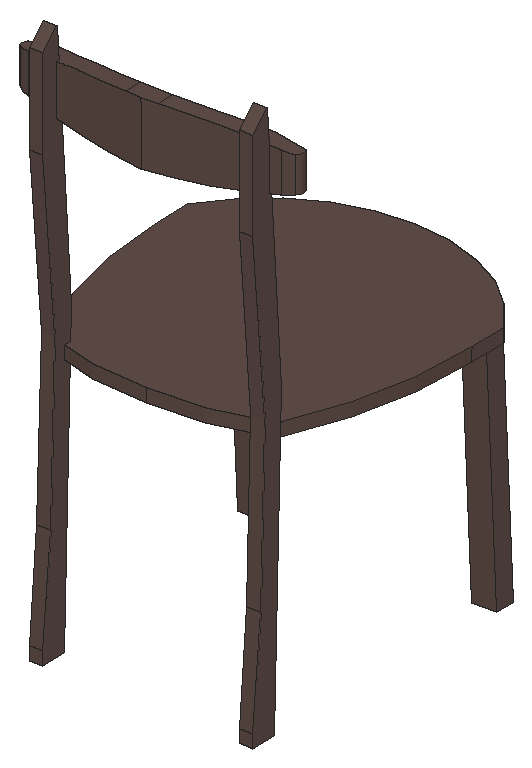
Revit family
Parameters
  URL = "http://www.ciadeprodutos.com.br/cafe.htm"
  Type Comments = "Delta"
  Material = Madeira cadeira delta
  Manufacturer = "Cia de Produtos"
  Cost = 213
Reference planes
  plane 1 "Center (Front/Back)": y = 0
  plane 2: z = 0
  plane 3 "Center (Left/Right)": x = 0
  plane 4 "Altura do assento": z = 400
  plane 5 "altura total": z = 800
  plane 6 "Encosto": y = -310.623
  plane 7 "Final": y = 279.377
  plane 8 "esquerda": x = -276.994
  plane 9 "direita": x = 233.006
Forms (mm)
  Extrusion 1, solid, material "Madeira cadeira delta" <- "Material"
    sketch origin (0, -14.123, 400) x (0, -1, 0) y (1, 0, 0)
      loop
        line (-135.681, -239.841) -> (-75.681, -239.841)
        arc (-75.681, -239.841) -> (69.276, -223.676) -> (207.11, -175.974) r 658.001
        arc (207.11, -175.974) -> (211.508, -172.745) -> (214.405, -168.121) r 14.522
        arc (214.405, -168.121) -> (236.925, -85.498) -> (241.811, 0) r 410.45
        arc (241.811, 0) -> (236.925, 85.498) -> (214.405, 168.121) r 410.45
        arc (214.405, 168.121) -> (211.508, 172.745) -> (207.11, 175.974) r 14.522
        arc (207.11, 175.974) -> (69.276, 223.676) -> (-75.681, 239.841) r 658.001
        line (-75.681, 239.841) -> (-135.681, 239.841)
        arc (-135.681, 239.841) -> (-267.045, 0) -> (-135.681, -239.841) r 284.63
    from 0 to 20
  Extrusion 2, solid, material "Madeira cadeira delta" <- "Material"
    sketch origin (156.994, 35, 0) x (0, -1, 0) y (0, 0, -1)
      loop
        line (310.623, -834.354) -> (310.623, -696.163)
        arc (310.623, -696.163) -> (288.875, -438.176) -> (296.678, -179.391) r 2267.442
        line (296.678, -179.391) -> (310.623, -20) -> (310.623, 0) -> (270.678, 0)
        arc (270.678, 0) -> (252.393, -234.249) -> (257.226, -469.161) r 2386.911
        line (257.226, -469.161) -> (284.584, -860.393) -> (310.623, -834.354)
    from 0 to 20
  Extrusion 3, solid, material "Madeira cadeira delta" <- "Material"
    sketch origin (136.946, -56.892, 0) x (0, 1, 0) y (0, 0, 1)
      loop
        line (229.488, 400) -> (199.377, 400)
        arc (199.377, 400) -> (213.013, 200.182) -> (219.377, 0) r 5508.919
        line (219.377, 0) -> (249.38, 0)
        arc (249.38, 0) -> (243.051, 200.18) -> (229.488, 400) r 5538.919
    from 21.927 to 60
  Extrusion 4, solid, material "Madeira cadeira delta" <- "Material"
    sketch origin (-136.946, -56.892, 0) x (0, 1, 0) y (0, 0, -1)
      loop
        arc (229.488, -400) -> (243.051, -200.18) -> (249.38, 0) r 5538.919
        line (249.38, 0) -> (219.377, 0)
        arc (219.377, 0) -> (213.013, -200.182) -> (199.377, -400) r 5508.919
        line (199.377, -400) -> (229.488, -400)
    from 21.927 to 60
  Extrusion 5, solid, material "Madeira cadeira delta" <- "Material"
    sketch origin (0, 0, -30) x (1, 0, 0) y (0, 0, 1)
      loop
        line (25, 849.165) -> (-25, 849.165)
        arc (-25, 849.165) -> (-130.929, 843.448) -> (-235.626, 826.362) r 984.143
        arc (-235.626, 826.362) -> (-253.303, 804.394) -> (-235.626, 782.425) r 22.489
        arc (-235.626, 782.425) -> (-118.487, 762.356) -> (0, 753.134) r 1292.1
        arc (0, 753.134) -> (118.487, 762.356) -> (235.626, 782.425) r 1292.1
        arc (235.626, 782.425) -> (253.303, 804.394) -> (235.626, 826.362) r 22.489
        arc (235.626, 826.362) -> (130.929, 843.448) -> (25, 849.165) r 984.143
    from 217.222 to 336.748
  Extrusion 6, void
    sketch origin (0, 40, 400) x (-1, 0, 0) y (0, -1, 0)
      loop
        arc (184.657, 252.837) -> (196.733, 251.797) -> (208.364, 255.207) r 32.853
        arc (208.364, 255.207) -> (214.372, 264.352) -> (209.55, 274.173) r 11.033
        arc (209.55, 274.173) -> (200.873, 278.858) -> (191.436, 281.718) r 49.169
        arc (191.436, 281.718) -> (96.106, 297.465) -> (0, 307.45) r 1605.543
        arc (0, 307.45) -> (-96.106, 297.465) -> (-191.436, 281.718) r 1605.543
        arc (-191.436, 281.718) -> (-200.873, 278.858) -> (-209.55, 274.173) r 49.169
        arc (-209.55, 274.173) -> (-214.372, 264.352) -> (-208.364, 255.207) r 11.033
        arc (-208.364, 255.207) -> (-199.57, 252.206) -> (-190.286, 251.788) r 32.853
        line (-190.286, 251.788) -> (-177.641, 253.582)
        arc (-177.641, 253.582) -> (3.558, 277.753) -> (184.657, 252.837) r 680.776
      loop
        line (341.089, 168.16) -> (341.089, 378.16) -> (-363.911, 378.16) -> (-363.911, 168.16) -> (341.089, 168.16)
    from 254.372 to 544.308
  Extrusion 7, solid, material "Madeira cadeira delta" <- "Material"
    sketch origin (-141.994, 35, 0) x (0, -1, 0) y (0, 0, 1)
      loop
        line (310.623, 834.354) -> (284.584, 860.393) -> (257.226, 469.161)
        arc (257.226, 469.161) -> (252.393, 234.249) -> (270.678, 0) r 2386.911
        line (270.678, 0) -> (310.623, 0) -> (310.623, 20) -> (296.678, 179.391)
        arc (296.678, 179.391) -> (288.875, 438.176) -> (310.623, 696.163) r 2267.442
        line (310.623, 696.163) -> (310.623, 834.354)
    from 0 to 20
Cuts and joins
  Extrusion 6 cuts Extrusion 1
  Extrusion 6 cuts Extrusion 5
Dimensions and locks
  locked: plane 8 "esquerda" to plane 9 "direita" at 510
